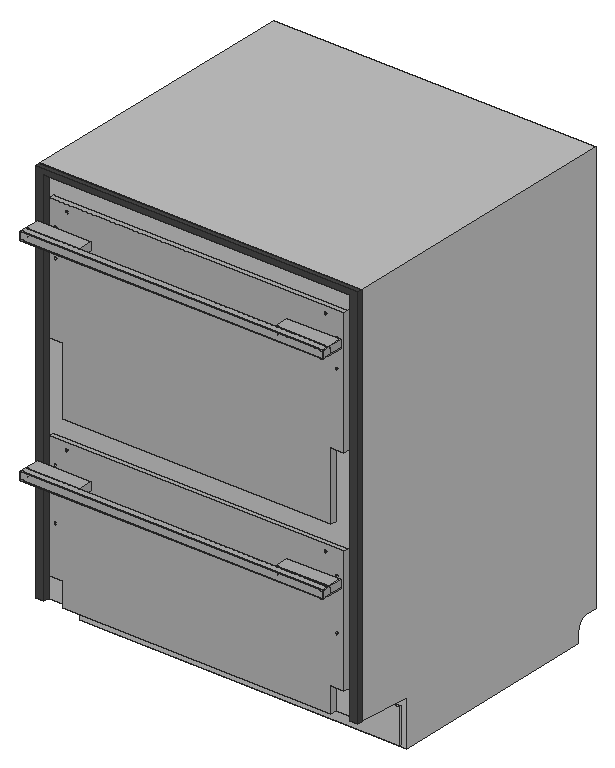
Revit family "FP-Revit20-en-DD60DHI9_CN-DishDrawer-0-90003897A-CN", category Specialty Equipment, Revit 2020
Family settings
  Round Connector Dimension = Use Diameter
  Part Type = Normal
  OmniClass Number = 23.40.40.14.31
  OmniClass Title = Cleaning and Disposal Equipment
  Work Plane-Based = No
  Always vertical = Yes
  Cut with Voids When Loaded = Yes
  Shared = No
  Room Calculation Point = No
Parameters (values of type "DD60DHI9_CN")
  Visibility - Handle = yes
  Visibility - Door Panel = no
  Visibility - Clearance Required = yes
  URL = "www.fisherpaykel.com"
  Toe Kick - Recess (40mm - 100mm) [instance] = 100 mm
  Product - Width = 599 mm  # constant formula
  Product - Height (820mm - 880mm) [instance] = 820 mm
  Product - Depth = 553 mm  # constant formula
  Model = "DD60DHI9_CN"
  Material - Trim = Fisher & Paykel - Black
  Material - Door Structure = Fisher & Paykel - Aluminium
  Material - Door Front = Fisher & Paykel - Stainless Steel
  Material - Body = Fisher & Paykel - Grey
  Manufacturer = "Fisher & Paykel Appliances"
  Description = "Integrated Double DishDrawer"
  Default Elevation = 0 mm
  Connector Description - Water = "3/4“ BSP (GB20) to suit Flat Washer"
  Connector Description - Sanitary = "Drain Hose, No Fitting Required"
  Connector Description - Electrical = "230 V, 15 A, fused electrical supply"
  Chassis - Height = 811 mm  # constant formula
  Cavity - Width = 600 mm  # constant formula
  Cavity - Height = 0 mm  # constant formula
  Cavity - Depth = 560 mm  # constant formula
Reference planes
  plane 1 "Datum": y = 0
  plane 2: z = 0
  plane 3 "Center (Left/Right)": x = 0
  plane 4: z = 0
  plane 5 "Product LHS": x = -299.5
  plane 6 "Product RHS": x = 299.5
  plane 7 "Product - Depth": y = 553
  plane 8 "Cavity LHS": x = -300
  plane 9 "Cavity RHS": x = 300
  plane 10 "Cavity - Depth": y = 560
  plane 11 "Leg Height": z = 9
  plane 12 "Product - Height": z = 820
  plane 13 "Cavity - Height": z = 822
  plane 14 "Door Front": y = -18
  plane 15 "Toe Kick Front 18mm": y = 82
Forms (mm)
  Extrusion 1, solid, material "Fisher & Paykel - Grey" <- "Material - Body"
    sketch origin (0, 0, 0) x (0, 1, 0) y (0, 0, 1)
      loop
        line (10, 820) -> (10, 100.398) -> (115, 93.503) -> (115, 9) -> (513, 9) -> (513, 28.972)
        arc (513, 28.972) -> (518.858, 43.114) -> (533, 48.972) r 20
        line (533, 48.972) -> (553, 48.972) -> (553, 820) -> (10, 820)
    from -299.5 to 299.5
  Extrusion 2, solid, material "Fisher & Paykel - Aluminium" <- "Material - Door Structure", detail levels fine
    sketch origin (0, 0, 0) x (1, 0, 0) y (0, 0, 1)
      loop
        line (-274, 776.4) -> (-274, 543.2) -> (-250, 543.2) -> (-250, 415.988) -> (250, 415.988) -> (250, 543.2) -> (274, 543.2) -> (274, 776.4) -> (-274, 776.4)
      loop
        line (-274, 379) -> (-274, 146) -> (-250, 146) -> (-250, 100) -> (250, 100) -> (250, 146) -> (274, 146) -> (274, 379) -> (-274, 379)
      loop
        circle (-240.999, 764.198) r 2.5
      loop
        circle (-261.999, 730.698) r 2.5
      loop
        circle (-261.999, 679.198) r 2.5
      loop
        circle (-262, 238) r 2.5
      loop
        circle (-262, 333.5) r 2.5
      loop
        circle (-241, 367) r 2.5
      loop
        circle (240.999, 764.198) r 2.5
      loop
        circle (261.999, 730.698) r 2.5
      loop
        circle (261.999, 679.198) r 2.5
      loop
        circle (262, 238) r 2.5
      loop
        circle (262, 333.5) r 2.5
      loop
        circle (241, 367) r 2.5
    from -10 to 0
  Extrusion 3, solid, material "Fisher & Paykel - Black" <- "Material - Trim"
    sketch origin (0, 0, 0) x (1, 0, 0) y (0, 0, 1)
      loop
        line (-299.5, 820) -> (-299.5, 100) -> (-283.999, 100) -> (-283.999, 810) -> (284, 810) -> (284, 100) -> (299.5, 100) -> (299.5, 820) -> (-299.5, 820)
    from -10 to 0
  Extrusion 4, solid, material "Fisher & Paykel - Black"
    sketch origin (0, 0, 0) x (1, 0, 0) y (0, 1, 0)
      loop
        circle (-260.6, 478.3) r 4
      loop
        circle (-260.6, 170.1) r 4
      loop
        circle (260.6, 478.3) r 4
      loop
        circle (260.6, 170.1) r 4
    from 7 to 9
  Extrusion 5, solid, material "Fisher & Paykel - Black"
    sketch origin (0, 0, 0) x (1, 0, 0) y (0, 1, 0)
      loop
        circle (-260.6, 170.1) r 17.816
      loop
        circle (-260.6, 478.3) r 17.816
      loop
        circle (260.6, 170.1) r 17.816
      loop
        circle (260.6, 478.3) r 17.816
    from 0 to 7
  Sweep 6, solid, material "Fisher & Paykel - Black", detail levels medium+fine
    path origin (0, 537.938, 0) x (1, 0, 0) y (0, 0, 1)
      loop
        line (-134.5, 48.972) -> (-134.5, 18.132)
        arc (-134.5, 18.132) -> (-140.358, 3.989) -> (-154.5, -1.868) r 20
        line (-154.5, -1.868) -> (-349.5, -1.868)
    profile origin (-134.5, 537.938, 33.552) x (0, -1, 0) y (1, 0, 0)
      loop
        circle (0, 0) r 9
  Sweep 7, solid, material "Fisher & Paykel - Black", detail levels medium+fine
    path origin (0, 537.938, 0) x (1, 0, 0) y (0, 0, 1)
      loop
        line (-189.5, 48.972) -> (-189.5, 37.507)
        arc (-189.5, 37.507) -> (-195.358, 23.364) -> (-209.5, 17.507) r 20
        line (-209.5, 17.507) -> (-349.5, 17.507)
    profile origin (-189.5, 537.938, 43.239) x (0, -1, 0) y (1, 0, 0)
      loop
        circle (0, 0) r 9
  Sweep 8, solid, material "Fisher & Paykel - Black", detail levels medium+fine
    path origin (0, 0, 0) x (1, 0, 0) y (0, 0, 1)
      loop
        line (-349.5, 31.736) -> (-66.993, 31.736)
        arc (-66.993, 31.736) -> (-58.507, 35.251) -> (-54.993, 43.736) r 12
        line (-54.993, 43.736) -> (-54.993, 48.972)
    profile origin (-54.993, 0, 46.354) x (-1, 0, 0) y (0, -1, 0)
      loop
        circle (0, -533.939) r 5
  Sweep 9, solid, material "Fisher & Paykel - Black", detail levels medium+fine
    path origin (0, 0, 0) x (1, 0, 0) y (0, 0, 1)
      loop
        line (-349.186, 17.851) -> (-218.186, 17.851)
        arc (-218.186, 17.851) -> (-204.044, 23.709) -> (-198.186, 37.851) r 20
        line (-198.186, 37.851) -> (-198.186, 48.972)
    profile origin (-198.186, 0, 43.412) x (-1, 0, 0) y (0, -1, 0)
      loop
        circle (0, -524.105) r 5
  Extrusion 10, solid, material "Fisher & Paykel - Clearance Required", visible <- "Visibility - Clearance Required", detail levels coarse
    sketch origin (0, 0, 0) x (0, 1, 0) y (0, 0, 1)
      loop
        line (-18, 0) -> (-18, 408.714) -> (-545.03, 408.714) -> (-545.03, 343.647) -> (-586.03, 343.647) -> (-586.03, 327.644) -> (-545.03, 327.644) -> (-545.03, 0) -> (-18, 0)
      loop
        line (-18, 415.988) -> (-18, 813.988) -> (-545.03, 813.988) -> (-545.03, 743.65) -> (-586.03, 743.65) -> (-586.03, 727.647) -> (-545.03, 727.647) -> (-545.03, 415.988) -> (-18, 415.988)
    from -300 to 300
  Extrusion 11, solid, material "Fisher & Paykel - Clearance Required", visible <- "Visibility - Clearance Required", detail levels coarse
    sketch origin (0, 0, 0) x (1, 0, 0) y (0, 1, 0)
      loop
        line (300, 560) -> (-300, 560) -> (-300, 0) -> (300, 0) -> (300, 560)
    from 0 to 820
  Extrusion 12, void
    sketch origin (0, 0, 0) x (1, 0, 0) y (0, 1, 0)
      loop
        line (-300, -18) -> (300, -18) -> (300, 560) -> (-300, 560) -> (-300, -18)
    from 0 to 822
  Extrusion 13, solid, material "Fisher & Paykel - Grey" <- "Material - Body", detail levels fine
    sketch origin (0, 0, 0) x (1, 0, 0) y (0, 0, 1)
      loop
        line (-297.5, 84.4) -> (-297.5, 19.4) -> (297.5, 19.4) -> (297.5, 84.4) -> (207.2, 84.4) -> (207.2, 77.4) -> (210.2, 77.4) -> (210.2, 73) -> (201.44, 73) -> (201.44, 48.145)
        arc (201.44, 48.145) -> (0, 28.613) -> (-201.44, 48.145) r 1048.506
        line (-201.44, 48.145) -> (-201.44, 73) -> (-210.2, 73) -> (-210.2, 77.4) -> (-207.2, 77.4) -> (-207.2, 84.4) -> (-297.5, 84.4)
      loop
        circle (230, 50.4) r 2.4
      loop
        circle (230, 70.4) r 2.4
      loop
        circle (-230, 50.4) r 2.4
      loop
        circle (-230, 70.4) r 2.4
    from -103 to -100
  Extrusion 14, solid, material "Fisher & Paykel - Stainless Steel" <- "Material - Door Front", visible <- "Visibility - Door Panel"
    sketch origin (0, 0, 0) x (1, 0, 0) y (0, 1, 0)
      loop
        line (-297.5, 0) -> (-297.5, -18) -> (297.5, -18) -> (297.5, 0) -> (-297.5, 0)
    from 415.988 to 813.988
  Extrusion 15, solid, material "Fisher & Paykel - Stainless Steel" <- "Material - Door Front", visible <- "Visibility - Door Panel"
    sketch origin (0, 0, 0) x (1, 0, 0) y (0, 1, 0)
      loop
        line (-297.5, 0) -> (-297.5, -18) -> (297.5, -18) -> (297.5, 0) -> (-297.5, 0)
    from 97.714 to 408.714
  Extrusion 16, void
    sketch origin (0, 0, 0) x (1, 0, 0) y (0, 0, 1)
      loop
        line (-84, 49) -> (-84, 64.8) -> (-91.143, 91.459)
        arc (-91.143, 91.459) -> (-97.572, 101.08) -> (-108.53, 104.8) r 18
        line (-108.53, 104.8) -> (-194.97, 104.8)
        arc (-194.97, 104.8) -> (-205.928, 101.08) -> (-212.357, 91.459) r 18
        line (-212.357, 91.459) -> (-219.5, 64.8) -> (-219.5, 49) -> (-84, 49)
    from -553 to -548
Cuts and joins
  Extrusion 16 cuts Extrusion 2
  Extrusion 16 cuts Extrusion 10
  Extrusion 16 cuts Extrusion 15
  Extrusion 16 cuts Extrusion 1
Lines and regions (mm)
  model lines
    curve 1: line (-297.5, 0, 408.714) -> (297.5, 0, 408.714)
    curve 2: line (-297.5, 0, 97.714) -> (-297.5, 0, 408.714)
    curve 3: line (297.5, 0, 97.714) -> (-297.5, 0, 97.714)
    curve 4: line (297.5, 0, 408.714) -> (297.5, 0, 97.714)
    curve 5: line (-297.5, 0, 813.988) -> (297.5, 0, 813.988)
    curve 6: line (-297.5, 0, 415.988) -> (-297.5, 0, 813.988)
    curve 7: line (297.5, 0, 415.988) -> (-297.5, 0, 415.988)
    curve 8: line (297.5, 0, 813.988) -> (297.5, 0, 415.988)
    curve 9: line (-297.5, 0, 813.988) -> (297.5, 0, 813.988)
    curve 10: line (-297.5, 0, 415.988) -> (-297.5, 0, 813.988)
    curve 11: line (297.5, 0, 415.988) -> (-297.5, 0, 415.988)
    curve 12: line (297.5, 0, 813.988) -> (297.5, 0, 415.988)
    curve 13: line (-297.5, 0, 408.714) -> (297.5, 0, 408.714)
    curve 14: line (-297.5, 0, 97.714) -> (-297.5, 0, 408.714)
    curve 15: line (297.5, 0, 97.714) -> (-297.5, 0, 97.714)
    curve 16: line (297.5, 0, 408.714) -> (297.5, 0, 97.714)
Text (mm)
  text "Due to ongoing product development, product details are subject to change without notice. \nPlease always refer to www.fisherpaykel.com for the most current product information. \n© Fisher & Paykel 2020" at (41.04, -690.05, 0), in view "Ref. Level (Plan)"
Dimensions and locks
  equal spacing: plane 5 "Product LHS", plane 3 "Center (Left/Right)", plane 6 "Product RHS"
  "Product - Width": plane 5 "Product LHS" to plane 6 "Product RHS"
  "Product - Depth": plane 1 "Datum" to plane 7 "Product - Depth"
  equal spacing: plane 8 "Cavity LHS", plane 3 "Center (Left/Right)", plane 9 "Cavity RHS"
  "Cavity - Width": plane 8 "Cavity LHS" to plane 9 "Cavity RHS"
  "Cavity - Depth": plane 10 "Cavity - Depth" to plane 1 "Datum"
  Extrusion 1 sketch curve to Extrusion 1 sketch curve = 811 mm
  Extrusion 2 sketch curve to plane 11 "Leg Height" = 370 mm
  "Chassis - Height": plane 12 "Product - Height" to plane 11 "Leg Height"
  locked: Extrusion 2 sketch curve to plane 11 "Leg Height" at 534.2
  locked: plane 12 "Product - Height" to Extrusion 2 sketch curve at 43.6
  "Product - Height (820mm - 880mm)": plane 12 "Product - Height" to level
  plane 12 "Product - Height" to Extrusion 2 = 43.6 mm
  Extrusion 2 to plane 11 "Leg Height" = 370 mm
  Extrusion 2 to plane 11 "Leg Height" = 406.988 mm
  locked: plane 13 "Cavity - Height" to plane 12 "Product - Height" at 2
  locked: plane 11 "Leg Height" to Extrusion 13 at 10.4
  Extrusion 12 to plane 1 "Datum" = 18 mm
  locked: plane 12 "Product - Height" to cut or joined group of Extrusion 10, Extrusion 16 at 6.012
  locked: plane 12 "Product - Height" to nested 1 at 76.7
  locked: plane 12 "Product - Height" to nested 2 at 476.7
  locked: plane 12 "Product - Height" to Extrusion 14 at 404.012
  locked: plane 12 "Product - Height" to cut or joined group of Extrusion 15, Extrusion 16 at 411.286
  locked: plane 12 "Product - Height" to cut or joined group of Extrusion 15, Extrusion 16 at 722.286
  locked: plane 12 "Product - Height" to Extrusion 14 at 6.012
  locked: plane 15 "Toe Kick Front 18mm" to Extrusion 13 at 18
  locked: Extrusion 13 to Extrusion 13 at 3
  "Toe Kick - Recess (40mm - 100mm)": plane 14 "Door Front" to plane 15 "Toe Kick Front 18mm"
  aligned and locked: level to plane 2
  aligned and locked: Extrusion 1 sketch curve to plane 11 "Leg Height"
  aligned and locked: plane 12 "Product - Height" to Extrusion 3 sketch curve
  aligned and locked: Extrusion 4 to Extrusion 5
  aligned and locked: plane 12 "Product - Height" to Extrusion 1
  aligned and locked: Extrusion 10 to plane 9 "Cavity RHS"
  aligned and locked: plane 8 "Cavity LHS" to Extrusion 10
  aligned and locked: Extrusion 11 sketch curve to plane 8 "Cavity LHS"
  aligned and locked: plane 1 "Datum" to Extrusion 11 sketch curve
  aligned and locked: Extrusion 11 sketch curve to plane 9 "Cavity RHS"
  aligned and locked: plane 10 "Cavity - Depth" to Extrusion 11 sketch curve
  aligned and locked: Extrusion 11 to Extrusion 1
  aligned and locked: Extrusion 4 to Extrusion 1
  aligned and locked: plane 13 "Cavity - Height" to Extrusion 12
  aligned and locked: Extrusion 10 to level
  aligned and locked: curve 1 to cut or joined group of Extrusion 15, Extrusion 16
  aligned and locked: curve 2 to cut or joined group of Extrusion 15, Extrusion 16
  aligned and locked: curve 3 to cut or joined group of Extrusion 15, Extrusion 16
  aligned and locked: curve 4 to cut or joined group of Extrusion 15, Extrusion 16
  aligned and locked: curve 5 to Extrusion 14
  aligned and locked: curve 6 to Extrusion 14
  aligned and locked: curve 7 to Extrusion 14
  aligned and locked: curve 8 to Extrusion 14
Automatic sketch dimensions
  Extrusion 2 sketch curve to plane 5 "Product LHS" = 25.5 mm  (x2)
  Extrusion 2 sketch curve to plane 5 "Product LHS" = 37.5 mm  (x2)
  Extrusion 2 sketch curve to plane 5 "Product LHS" = 37.501 mm  (x2)
  Extrusion 2 sketch curve to Extrusion 2 sketch curve = 24 mm
  Extrusion 2 sketch curve to plane 5 "Product LHS" = 49.5 mm
  Extrusion 2 sketch curve to Extrusion 2 sketch curve = 33 mm
  Extrusion 2 sketch curve to Extrusion 2 sketch curve = 33.001 mm
  plane 6 "Product RHS" to Extrusion 2 sketch curve = 58.501 mm
  plane 6 "Product RHS" to Extrusion 2 sketch curve = 58.5 mm
  plane 6 "Product RHS" to Extrusion 2 sketch curve = 49.5 mm  (x2)
  plane 6 "Product RHS" to Extrusion 2 sketch curve = 37.501 mm  (x2)
  plane 6 "Product RHS" to Extrusion 2 sketch curve = 37.5 mm  (x2)
  plane 6 "Product RHS" to Extrusion 2 sketch curve = 25.5 mm  (x2)
  Extrusion 2 sketch curve to Extrusion 2 sketch curve = 12 mm  (x2)
  Extrusion 2 sketch curve to Extrusion 2 sketch curve = 33.5 mm  (x2)
  Extrusion 2 sketch curve to Extrusion 2 sketch curve = 95.5 mm  (x2)
  Extrusion 2 sketch curve to Extrusion 2 sketch curve = 92 mm  (x2)
  Extrusion 2 sketch curve to Extrusion 2 sketch curve = 46 mm
  Extrusion 2 sketch curve to Extrusion 2 sketch curve = 36.988 mm
  Extrusion 2 sketch curve to Extrusion 2 sketch curve = 127.212 mm
  Extrusion 2 sketch curve to Extrusion 2 sketch curve = 135.998 mm  (x2)
  Extrusion 2 sketch curve to Extrusion 2 sketch curve = 45.702 mm  (x2)
  Extrusion 2 sketch curve to Extrusion 2 sketch curve = 12.202 mm  (x2)
  plane 5 "Product LHS" to Extrusion 3 sketch curve = 0 mm
  plane 6 "Product RHS" to Extrusion 3 sketch curve = 0 mm
  Extrusion 3 sketch curve to plane 5 "Product LHS" = 15.501 mm
  plane 6 "Product RHS" to Extrusion 3 sketch curve = 15.5 mm
  Extrusion 3 sketch curve to plane 12 "Product - Height" = 10 mm
  Extrusion 3 sketch curve to plane 11 "Leg Height" = 91 mm  (x2)
  Extrusion 4 sketch curve to plane 5 "Product LHS" = 38.9 mm  (x2)
  plane 6 "Product RHS" to Extrusion 4 sketch curve = 38.9 mm  (x2)
  Extrusion 4 sketch curve to plane 1 "Datum" = 170.1 mm  (x2)
  Extrusion 4 sketch curve to plane 7 "Product - Depth" = 74.7 mm  (x2)
  Extrusion 5 sketch curve to plane 5 "Product LHS" = 38.9 mm  (x2)
  plane 6 "Product RHS" to Extrusion 5 sketch curve = 38.9 mm  (x2)
  Extrusion 5 sketch curve to plane 1 "Datum" = 170.1 mm  (x2)
  Extrusion 5 sketch curve to plane 7 "Product - Depth" = 74.7 mm  (x2)
  plane 11 "Leg Height" to Sweep 6 sketch curve = 10.868 mm
  Sweep 6 sketch curve to plane 5 "Product LHS" = 145 mm
  Sweep 6 sketch curve to plane 11 "Leg Height" = 9.132 mm
  plane 8 "Cavity LHS" to Sweep 6 sketch curve = 49.5 mm
  Sweep 6 sketch curve to Sweep 6 sketch curve = 30.84 mm
  Sweep 6 sketch curve to profile plane = 0 mm
  profile plane to Sweep 6 sketch curve = 0 mm
  Sweep 7 sketch curve to plane 11 "Leg Height" = 8.507 mm
  Sweep 7 sketch curve to plane 5 "Product LHS" = 90 mm
  Sweep 7 sketch curve to Sweep 7 sketch curve = 20 mm
  plane 8 "Cavity LHS" to Sweep 7 sketch curve = 49.5 mm
  Sweep 7 sketch curve to Sweep 7 sketch curve = 11.465 mm
  Sweep 7 sketch curve to profile plane = 0 mm
  profile plane to Sweep 7 sketch curve = 0 mm
  Sweep 8 sketch curve to plane 11 "Leg Height" = 22.736 mm
  Sweep 8 sketch curve to plane 3 "Center (Left/Right)" = 66.993 mm
  Sweep 8 sketch curve to Sweep 8 sketch curve = 12 mm
  plane 8 "Cavity LHS" to Sweep 8 sketch curve = 49.5 mm
  Sweep 8 sketch curve to Sweep 8 sketch curve = 5.236 mm
  Sweep 8 sketch curve to profile plane = 0 mm
  Sweep 8 sketch curve to plane 1 "Datum" = 533.939 mm
  Sweep 9 sketch curve to plane 11 "Leg Height" = 8.851 mm
  Sweep 9 sketch curve to plane 5 "Product LHS" = 81.314 mm
  Sweep 9 sketch curve to Sweep 9 sketch curve = 20 mm
  plane 8 "Cavity LHS" to Sweep 9 sketch curve = 49.186 mm
  Sweep 9 sketch curve to Sweep 9 sketch curve = 11.121 mm
  Sweep 9 sketch curve to profile plane = 0 mm
  Sweep 9 sketch curve to plane 1 "Datum" = 524.105 mm
  Extrusion 12 sketch curve to plane 8 "Cavity LHS" = 0 mm
  Extrusion 12 sketch curve to plane 9 "Cavity RHS" = 0 mm
  Extrusion 12 sketch curve to plane 10 "Cavity - Depth" = 0 mm
  plane 1 "Datum" to Extrusion 12 sketch curve = 18 mm
  Extrusion 13 sketch curve to plane 3 "Center (Left/Right)" = 0 mm
  Extrusion 13 sketch curve to plane 5 "Product LHS" = 98.06 mm
  Extrusion 13 sketch curve to Extrusion 13 sketch curve = 5.76 mm  (x2)
  Extrusion 13 sketch curve to Extrusion 13 sketch curve = 3 mm  (x2)
  Extrusion 13 sketch curve to Extrusion 13 sketch curve = 28.56 mm
  Extrusion 13 sketch curve to Extrusion 13 sketch curve = 19.8 mm  (x2)
  Extrusion 13 sketch curve to plane 5 "Product LHS" = 2 mm
  plane 6 "Product RHS" to Extrusion 13 sketch curve = 98.06 mm
  Extrusion 13 sketch curve to Extrusion 13 sketch curve = 0 mm
  plane 6 "Product RHS" to Extrusion 13 sketch curve = 2 mm
  Extrusion 13 sketch curve to plane 11 "Leg Height" = 10.4 mm
  Extrusion 13 sketch curve to plane 11 "Leg Height" = 39.145 mm
  Extrusion 13 sketch curve to Extrusion 13 sketch curve = 2.255 mm  (x2)
  Extrusion 13 sketch curve to Extrusion 13 sketch curve = 20 mm  (x2)
  Extrusion 13 sketch curve to Extrusion 13 sketch curve = 2.6 mm
  Extrusion 13 sketch curve to Extrusion 13 sketch curve = 24.855 mm
  Extrusion 13 sketch curve to Extrusion 13 sketch curve = 4.4 mm  (x2)
  Extrusion 13 sketch curve to Extrusion 13 sketch curve = 7 mm  (x2)
  plane 13 "Cavity - Height" to Extrusion 13 sketch curve = 255.119 mm
  Extrusion 14 sketch curve to plane 5 "Product LHS" = 2 mm
  plane 6 "Product RHS" to Extrusion 14 sketch curve = 2 mm
  Extrusion 15 sketch curve to plane 5 "Product LHS" = 2 mm
  plane 6 "Product RHS" to Extrusion 15 sketch curve = 2 mm
  plane 1 "Datum" to Extrusion 15 sketch curve = 18 mm
  Extrusion 10 sketch curve to plane 12 "Product - Height" = 76.35 mm
  plane 1 "Datum" to Extrusion 10 sketch curve = 586.03 mm
  Extrusion 10 sketch curve to Extrusion 10 sketch curve = 0 mm  (x3)
  Extrusion 10 sketch curve to Extrusion 10 sketch curve = 41 mm  (x2)
  Extrusion 10 sketch curve to plane 12 "Product - Height" = 6.012 mm
  plane 1 "Datum" to Extrusion 10 sketch curve = 18 mm  (x2)
  Extrusion 10 sketch curve to Extrusion 10 sketch curve = 16.003 mm  (x2)
  Extrusion 10 sketch curve to Extrusion 10 sketch curve = 311.659 mm
  Extrusion 10 sketch curve to Extrusion 10 sketch curve = 7.274 mm
  Extrusion 10 sketch curve to Extrusion 10 sketch curve = 65.067 mm
  plane 11 "Leg Height" to Extrusion 10 sketch curve = 9 mm
  Extrusion 16 sketch curve to plane 11 "Leg Height" = 40 mm
  Extrusion 16 sketch curve to plane 5 "Product LHS" = 80 mm
  Extrusion 16 sketch curve to Extrusion 16 sketch curve = 7.143 mm  (x2)
  Extrusion 16 sketch curve to Extrusion 16 sketch curve = 17.387 mm  (x2)
  Extrusion 16 sketch curve to Extrusion 16 sketch curve = 86.44 mm
  Extrusion 16 sketch curve to Extrusion 16 sketch curve = 15.8 mm  (x2)
  Extrusion 16 sketch curve to Extrusion 16 sketch curve = 22 mm  (x2)
  Extrusion 16 sketch curve to Extrusion 16 sketch curve = 4.659 mm
  plane 1 "Datum" to Extrusion 14 sketch curve = 0 mm
  plane 1 "Datum" to Extrusion 14 sketch curve = 18 mm
  plane 1 "Datum" to Extrusion 15 sketch curve = 0 mm
  Extrusion 1 sketch curve to plane 7 "Product - Depth" = 0 mm
  Extrusion 1 sketch curve to plane 7 "Product - Depth" = 20 mm
  Extrusion 1 sketch curve to Extrusion 1 sketch curve = 20 mm
  Extrusion 1 sketch curve to plane 1 "Datum" = 115 mm
  Extrusion 1 sketch curve to plane 1 "Datum" = 10 mm
  Extrusion 1 sketch curve to plane 11 "Leg Height" = 19.972 mm
  Extrusion 1 sketch curve to plane 11 "Leg Height" = 84.503 mm
  Extrusion 1 sketch curve to plane 11 "Leg Height" = 91.398 mm
  radius of Extrusion 2 sketch curve = 2.5 mm  (x12)
  radius of Extrusion 4 sketch curve = 4 mm  (x4)
  radius of Extrusion 5 sketch curve = 17.816 mm  (x4)
  radius of Sweep 6 sketch curve = 9 mm
  radius of Sweep 7 sketch curve = 9 mm
  radius of Sweep 8 sketch curve = 5 mm
  radius of Sweep 9 sketch curve = 5 mm
  radius of Extrusion 13 sketch curve = 2.4 mm  (x4)
Nested families
  nested 1: "F&P Handle Contemporary Square - Horizontal" at (0, -18, 735.322), visible <- "Visibility - Handle", type "565mm"
  nested 2: "F&P Handle Contemporary Square - Horizontal" at (0, -18, 335.322), visible <- "Visibility - Handle", type "565mm"
Connectors
  electrical at (-349.5, 533.939, 31.736), driven by "Connector Description - Electrical"
    settings: on Sweep 8, index 1, voltage 230 V, apparent load 0 VA, apparent load phase1 0 VA, apparent load phase2 0 VA, apparent load phase3 0 VA, power factor 1, load classification "Other", number of poles 1, system type 30, power factor state 1, is connector primary yes, connector utility no, sub classification motor no, connector description "230 V, 15 A, fused electrical supply"
  piping at (-349.186, 524.105, 17.851), diameter 10, driven by "Connector Description - Water"
    settings: on Sweep 9, index 2, connector inside diameter 609.6 mm, connector length 0 mm, flow factor 0, pipe flow 0.0 L/s, pressure drop 0.0 Pa, fitting loss kfactor 0, connector angle 0.00°, fixture units 0, engagement length 0 mm, angle of deflection 0.00°, flow configuration 0, flow direction 1, fitting loss method 0, system type 20, joint type 0, gender type 0, connector reference index -1, connector utility 0, adjustable connector no, is connector primary yes, connector description "3/4“ BSP (GB20) to suit Flat Washer"
  piping at (-349.5, 537.938, 17.507), diameter 15.9, driven by "Connector Description - Sanitary"
    settings: on Sweep 7, index 3, connector inside diameter 609.6 mm, connector length 0 mm, flow factor 0, pipe flow 0.0 L/s, pressure drop 0.0 Pa, fitting loss kfactor 0, connector angle 0.00°, fixture units 0, engagement length 0 mm, angle of deflection 0.00°, flow configuration 0, flow direction 2, fitting loss method 0, system type 16, joint type 0, gender type 0, connector reference index -1, connector utility 0, adjustable connector no, is connector primary no, connector description "Drain Hose, No Fitting Required"
  piping at (-349.5, 537.938, -1.868), diameter 15.9, driven by "Connector Description - Sanitary"
    settings: on Sweep 6, index 4, connector inside diameter 609.6 mm, connector length 0 mm, flow factor 0, pipe flow 0.0 L/s, pressure drop 0.0 Pa, fitting loss kfactor 0, connector angle 0.00°, fixture units 0, engagement length 0 mm, angle of deflection 0.00°, flow configuration 0, flow direction 2, fitting loss method 0, system type 16, joint type 0, gender type 0, connector reference index -1, connector utility 0, adjustable connector no, is connector primary no, connector description "Drain Hose, No Fitting Required"
Definition of nested family "F&P Handle Contemporary Square - Horizontal"
  Parameters (values of type "565mm")
    URL = "www.fisherpaykel.com"
    Material - Handle = none
    Manufacturer = "Fisher & Paykel Appliances"
    Handle - Standoff = 100 mm
    Handle - Length = 565 mm
    Default Elevation = 0 mm
  Reference planes
    plane 1 "Center (Front/Back)": y = 0
    plane 2: z = 0
    plane 3 "Center (Left/Right)": x = 0
    plane 4 "Product LHS": x = -282.5
    plane 5 "Product RHS": x = 282.5
    plane 6 "LHS Standoff": x = -182.5
    plane 7 "RHS Standoff": x = 182.5
  Forms (mm)
    Extrusion 1, solid, material <- "Material - Handle", detail levels fine
      sketch origin (0, 0, 0) x (0, 1, 0) y (0, 0, 1)
        loop
          arc (-27.701, 7.561) -> (-28.057, 7.868) -> (-28.514, 7.978) r 1
          line (-28.514, 7.978) -> (-39.5, 7.978)
          arc (-39.5, 7.978) -> (-40.561, 7.539) -> (-41, 6.478) r 1.5
          line (-41, 6.478) -> (-41, -6.522)
          arc (-41, -6.522) -> (-40.561, -7.583) -> (-39.5, -8.022) r 1.5
          line (-39.5, -8.022) -> (-28.487, -8.022)
          arc (-28.487, -8.022) -> (-28.029, -7.911) -> (-27.673, -7.602) r 1
          arc (-27.673, -7.602) -> (-25.256, -0.016) -> (-27.701, 7.561) r 13.038
      from -282.5 to 282.5
    Extrusion 2, solid, material <- "Material - Handle", detail levels fine
      sketch origin (0, 0, 0) x (0, 1, 0) y (0, 0, 1)
        loop
          arc (-27.23, 7.062) -> (-25.156, 0.008) -> (-27.198, -7.056) r 13.136
          arc (-27.198, -7.056) -> (-27.21, -7.463) -> (-26.86, -7.67) r 0.4
          line (-26.86, -7.67) -> (0, -7.67) -> (0, 7.678) -> (-26.893, 7.678)
          arc (-26.893, 7.678) -> (-27.244, 7.47) -> (-27.23, 7.062) r 0.4
      from 182.5 to 282.5
    Extrusion 3, solid, material <- "Material - Handle", detail levels fine
      sketch origin (0, 0, 0) x (0, 1, 0) y (0, 0, -1)
        loop
          arc (-27.23, -7.062) -> (-27.244, -7.47) -> (-26.893, -7.678) r 0.4
          line (-26.893, -7.678) -> (0, -7.678) -> (0, 7.67) -> (-26.86, 7.67)
          arc (-26.86, 7.67) -> (-27.21, 7.463) -> (-27.198, 7.056) r 0.4
          arc (-27.198, 7.056) -> (-25.156, -0.008) -> (-27.23, -7.062) r 13.136
      from 182.5 to 282.5
    Sweep 4, void
      path in 3D
        loop
          line (282.5, -28.514, 7.978) -> (282.5, -39.5, 7.978)
          arc (282.5, -39.5, 7.978) -> (282.5, -40.561, 7.539) -> (282.5, -41, 6.478) r 1.5
          line (282.5, -41, 6.478) -> (282.5, -41, -6.522)
          arc (282.5, -41, -6.522) -> (282.5, -40.561, -7.583) -> (282.5, -39.5, -8.022) r 1.5
          line (282.5, -39.5, -8.022) -> (282.5, -28.487, -8.022)
      profile origin (282.5, -34.007, 7.978) x (1, 0, 0) y (0, 0, 1)
        loop
          line (0, 0) -> (-1.3, 0) -> (0, -1.3) -> (0, 0)
    Sweep 5, void
      path in 3D
        loop
          line (-282.5, -28.487, -8.022) -> (-282.5, -39.5, -8.022)
          arc (-282.5, -39.5, -8.022) -> (-282.5, -40.561, -7.583) -> (-282.5, -41, -6.522) r 1.5
          line (-282.5, -41, -6.522) -> (-282.5, -41, 6.478)
          arc (-282.5, -41, 6.478) -> (-282.5, -40.561, 7.539) -> (-282.5, -39.5, 7.978) r 1.5
          line (-282.5, -39.5, 7.978) -> (-282.5, -28.514, 7.978)
      profile origin (-282.5, -34.007, 7.978) x (-1, 0, 0) y (0, 0, 1)
        loop
          line (0, 0) -> (-1.3, 0) -> (0, -1.3) -> (0, 0)
    Extrusion 6, void
      sketch origin (0, 0, 0) x (1, 0, 0) y (0, 0, 1)
        loop
          line (282.5, 7.978) -> (281.2, 7.978) -> (282.5, 6.678) -> (282.5, 7.978)
        loop
          line (282.5, -8.022) -> (282.5, -6.722) -> (281.2, -8.022) -> (282.5, -8.022)
      from 0 to 28.514
    Extrusion 7, void
      sketch origin (0, 0, 0) x (1, 0, 0) y (0, 0, 1)
        loop
          line (-282.5, 7.978) -> (-282.5, 6.678) -> (-281.2, 7.978) -> (-282.5, 7.978)
        loop
          line (-282.5, -8.022) -> (-281.2, -8.022) -> (-282.5, -6.722) -> (-282.5, -8.022)
      from 0 to 28.487
    Extrusion 8, solid, material <- "Material - Handle", detail levels coarse+medium
      sketch origin (0, 0, 0) x (1, 0, 0) y (0, 1, 0)
        loop
          line (-282.5, -41) -> (282.5, -41) -> (282.5, 0) -> (182.5, 0) -> (182.5, -26.156) -> (-182.5, -26.156) -> (-182.5, 0) -> (-282.5, 0) -> (-282.5, -41)
      from -8.022 to 7.978
  Cuts and joins
    Sweep 4, Sweep 5, Extrusion 6, Extrusion 7 cuts Extrusion 1
    Extrusion 6 cuts Extrusion 2
    Extrusion 7 cuts Extrusion 3
  Lines and regions (mm)
    sketch lines
      curve 1: line (282.5, -28.514, 7.978) -> (282.5, -39.5, 7.978)
      curve 2: arc (282.5, -41, 6.478) -> (282.5, -40.561, 7.539) -> (282.5, -39.5, 7.978) r 1.5
      curve 3: line (282.5, -41, 6.478) -> (282.5, -41, -6.522)
      curve 4: arc (282.5, -39.5, -8.022) -> (282.5, -40.561, -7.583) -> (282.5, -41, -6.522) r 1.5
      curve 5: line (282.5, -39.5, -8.022) -> (282.5, -28.487, -8.022)
      curve 6: line (-282.5, -39.5, 7.978) -> (-282.5, -28.514, 7.978)
      curve 7: arc (-282.5, -39.5, 7.978) -> (-282.5, -40.561, 7.539) -> (-282.5, -41, 6.478) r 1.5
      curve 8: line (-282.5, -41, -6.522) -> (-282.5, -41, 6.478)
      curve 9: arc (-282.5, -41, -6.522) -> (-282.5, -40.561, -7.583) -> (-282.5, -39.5, -8.022) r 1.5
      curve 10: line (-282.5, -28.487, -8.022) -> (-282.5, -39.5, -8.022)
  Dimensions and locks
    equal spacing: plane 4 "Product LHS", plane 3 "Center (Left/Right)", plane 5 "Product RHS"
    "Handle - Length": plane 4 "Product LHS" to plane 5 "Product RHS"
    "Handle - Standoff": plane 4 "Product LHS" to plane 6 "LHS Standoff"
    "Handle - Standoff": plane 7 "RHS Standoff" to plane 5 "Product RHS"
    Extrusion 8 to plane 1 "Center (Front/Back)" = 41 mm
    aligned and locked: level to plane 2
    aligned and locked: Extrusion 1 to plane 5 "Product RHS"
    aligned and locked: plane 4 "Product LHS" to Extrusion 1
    aligned and locked: Extrusion 2 to plane 5 "Product RHS"
    aligned and locked: plane 4 "Product LHS" to Extrusion 3
    aligned and locked: plane 4 "Product LHS" to Extrusion 8 sketch curve
    aligned and locked: Extrusion 8 sketch curve to plane 5 "Product RHS"
    aligned and locked: Extrusion 8 sketch curve to plane 7 "RHS Standoff"
    aligned and locked: plane 6 "LHS Standoff" to Extrusion 8 sketch curve
    aligned and locked: Extrusion 2 to plane 7 "RHS Standoff"
    aligned and locked: plane 6 "LHS Standoff" to Extrusion 3
  Automatic sketch dimensions
    Extrusion 1 sketch curve to level = 6.522 mm
    plane 1 "Center (Front/Back)" to Extrusion 1 sketch curve = 41 mm
    Extrusion 1 sketch curve to Extrusion 1 sketch curve = 1.5 mm  (x2)
    Extrusion 1 sketch curve to level = 0.04 mm
    Extrusion 1 sketch curve to Extrusion 1 sketch curve = 1.206 mm
    level to Extrusion 1 sketch curve = 6.978 mm
    Extrusion 1 sketch curve to Extrusion 1 sketch curve = 10.986 mm
    Extrusion 1 sketch curve to Extrusion 1 sketch curve = 11.013 mm
    Extrusion 1 sketch curve to Extrusion 1 sketch curve = 1 mm
    level to Extrusion 1 sketch curve = 6.478 mm
    Extrusion 1 sketch curve to Extrusion 1 sketch curve = 0 mm
    Extrusion 2 sketch curve to plane 1 "Center (Front/Back)" = 0 mm
    Extrusion 2 sketch curve to level = 7.67 mm
    Extrusion 2 sketch curve to Extrusion 2 sketch curve = 26.86 mm
    level to Extrusion 2 sketch curve = 7.678 mm
    Extrusion 2 sketch curve to Extrusion 2 sketch curve = 0.033 mm
    Extrusion 2 sketch curve to level = 0.022 mm
    Extrusion 2 sketch curve to Extrusion 2 sketch curve = 11.398 mm
    Extrusion 2 sketch curve to Extrusion 2 sketch curve = 0.4 mm  (x2)
    Extrusion 2 sketch curve to Extrusion 2 sketch curve = 0 mm
    Extrusion 3 sketch curve to plane 1 "Center (Front/Back)" = 0 mm
    Extrusion 3 sketch curve to level = 7.67 mm
    Extrusion 3 sketch curve to Extrusion 3 sketch curve = 26.86 mm
    level to Extrusion 3 sketch curve = 7.678 mm
    Extrusion 3 sketch curve to Extrusion 3 sketch curve = 0.033 mm
    Extrusion 3 sketch curve to level = 0.022 mm
    Extrusion 3 sketch curve to Extrusion 3 sketch curve = 11.398 mm
    Extrusion 3 sketch curve to Extrusion 3 sketch curve = 0.4 mm  (x2)
    Extrusion 3 sketch curve to Extrusion 3 sketch curve = 0 mm
    profile plane to Sweep 4 sketch curve = 0 mm
    Sweep 4 sketch curve to profile plane = 0 mm
    Sweep 4 sketch curve to profile plane = 1.3 mm
    profile plane to Sweep 4 sketch curve = 1.3 mm
    Sweep 5 sketch curve to profile plane = 0 mm  (x2)
    profile plane to Sweep 5 sketch curve = 1.3 mm
    Sweep 5 sketch curve to profile plane = 1.3 mm
    plane 5 "Product RHS" to Extrusion 6 sketch curve = 0 mm  (x2)
    Extrusion 6 sketch curve to Extrusion 6 sketch curve = 1.3 mm  (x4)
    Extrusion 6 sketch curve to level = 6.722 mm
    level to Extrusion 6 sketch curve = 6.678 mm
    plane 4 "Product LHS" to Extrusion 7 sketch curve = 0 mm  (x2)
    Extrusion 7 sketch curve to plane 4 "Product LHS" = 1.3 mm  (x2)
    Extrusion 7 sketch curve to level = 8.022 mm
    level to Extrusion 7 sketch curve = 6.678 mm
    Extrusion 7 sketch curve to Extrusion 7 sketch curve = 1.3 mm  (x2)
    plane 1 "Center (Front/Back)" to Extrusion 8 sketch curve = 0 mm  (x2)
    Extrusion 8 sketch curve to Extrusion 8 sketch curve = 26.156 mm
    Extrusion 8 sketch curve to Extrusion 8 sketch curve = 41 mm
